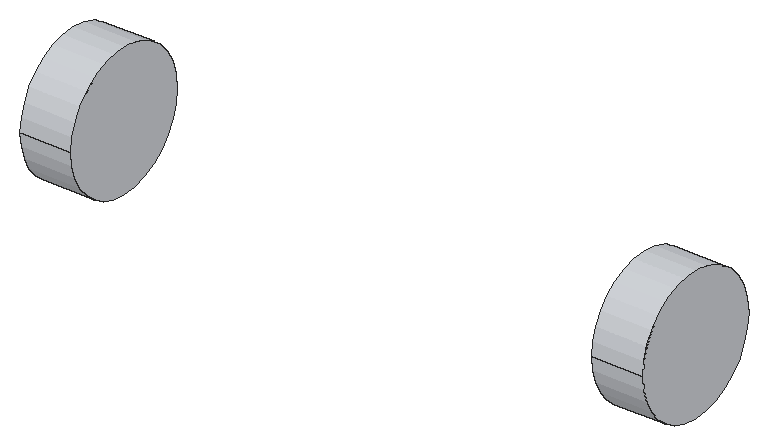
Revit family "SENT150T", category Mechanical Equipment, Revit 2013
Parameters
  Width (including controller) = "717mm"
  Width (excluding controller) = "591mm"
  Weight = "26Kg"
  Warranty period = "Unit 2 years                                    Motor 5 years"
  Spigot Diameter = "150mm"
  Product Description = "Sentinel D-Box Twin Fan"
  Part Number = "SENT150T"
  Options = "Weatherproofed and Constant Pressure options"
  Operational and Maintenance Manual = "http://www.vent-axia.com/files/pdf-downloads/432984_0.pdf"
  Operating Temperature = "(-10C to +40C)"
  Motor Rating = "83 Watts (max)"
  Manufacturer - Website = "www.vent-axia.com"
  Manufacturer - Name = "Vent-Axia Ltd"
  Manufacturer - Email = "sales@vent-axia.com"
  Manufacturer - Contact Phone = "0844 856 0590"
  Manufacturer - Address = "Fleming Way, Crawley, West Sussex RH10 9YX"
  Length (including Spigots) = "705mm"
  Length (excluding Spigots) = "610mm"
  IP Rating  Internal = "IPX2"
  IP Rating  External (WP) = "IPX5"
  Height = "256mm"
  Country of Manufacture = "UK"
  Category = "Sentinel D-Box Twin Fan"
  AC Voltage Input = "220-240 V AC (single phase)"
  AC Frequency Input = "50Hz nominal"
Reference planes
  plane 1 "Center (Front/Back)": y = 0
  plane 2: z = 0
  plane 3 "Center (Left/Right)": x = 0
  plane 4: y = 134.293
  plane 5: y = -487.707
  plane 6 "1": x = -352.5
  plane 7: x = 352.5
Forms (mm)
  Extrusion 1, solid
    sketch origin (-352.5, 0, 0) x (0, 1, 0) y (0, 0, 1)
      loop
        circle (-176.622, 127.562) r 75
    from 0.986 to 58.486
  Extrusion 2, solid
    sketch origin (352.5, 0, 0) x (0, 1, 0) y (0, 0, -1)
      loop
        circle (-176.622, -127.562) r 75
    from -0.986 to 56.514
Connectors
  hvac at (353.486, -176.622, 127.562)
    settings: on Extrusion 2, index 1, duct flow 0.0 L/s, flow factor 0, pres drop 0.0 Pa, loss coef 0, conn angle 0.00°, conn width 304.8 mm, conn height 304.8 mm, conn radius 75 mm, duct sys type 2, conn prof type 0, flow config 0, flow direction 1, loss method 0, conn ref index -1, conn util no, is conn primary yes, conn desc ""
  hvac at (-351.514, -176.622, 127.562)
    settings: on Extrusion 1, index 2, duct flow 0.0 L/s, flow factor 0, pres drop 0.0 Pa, loss coef 0, conn angle 0.00°, conn width 304.8 mm, conn height 304.8 mm, conn radius 75 mm, duct sys type 3, conn prof type 0, flow config 0, flow direction 2, loss method 0, conn ref index -1, conn util no, is conn primary no, conn desc ""
